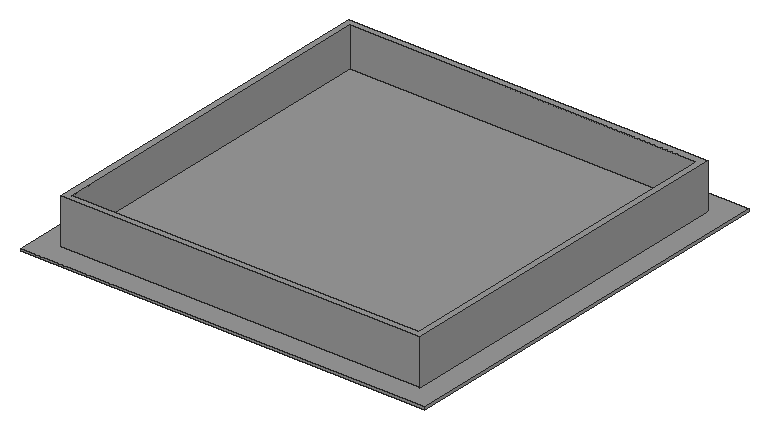
Revit family "Rahmenkassette Schwerlast, blind, RKSL, Nenngröße 250-3, Belastungsklasse 1", category Generic Models, Revit 2015
Parameters (values of type "RK SL1 V2 40")
  Width 1 = 288 mm
  Width = 324 mm
  URL = "http://www.obo-bettermann.com"
  Material = Stainless Steel
  Manufacturer Art.No. = "7405908"
  Manufacturer = "OBO Bettermann"
  Height 1 = 38 mm
  Height = 40 mm
  GTIN = "4012195105886"
  Cut depth = 5 mm
  Article Type = "RK SL1 V2 40"
Types (5, lengths in mm): name | Manufacturer Art.No. | Height 1 | Height | GTIN | Cut depth | Article Type
  (no name) | "7405908" | 38 | 40 | "4012195105886" | 5 | "RK SL1 V2 40"
  RK SL1 V2 20 | "7405892" | 18 | 20 | "4012195105824" | 5 | "RK SL1 V2 20"
  RK SL1 V2 25 | "7405896" | 23 | 25 | "4012195105831" | 5 | "RK SL1 V2 25"
  RK SL1 V2 30 | "7405900" | 28 | 30 | "4012195105848" | 0 | "RK SL1 V2 30"
  RK SL1 V2 40 | "7405908" | 38 | 40 | "4012195105886" | 5 | "RK SL1 V2 40"
Reference planes
  plane 1 "Center (Front/Back)": y = 0
  plane 2: z = 0
  plane 3 "Center (Left/Right)": x = 0
  plane 4: z = 2
  plane 5: y = 125
  plane 6: y = -125
  plane 7: z = 7
Forms (mm)
  Extrusion 1, solid, material "Stainless Steel" <- "Material"
    sketch origin (0, 0, 0) x (1, 0, 0) y (0, 1, 0)
      loop
        line (-144, 144) -> (-144, -144) -> (144, -144) -> (144, 144) -> (-144, 144)
    from 0 to 38
  Extrusion 2, solid, material "Stainless Steel" <- "Material"
    sketch origin (0, 0, 0) x (1, 0, 0) y (0, 1, 0)
      loop
        line (-162, 162) -> (-162, -162) -> (162, -162) -> (162, 162) -> (-162, 162)
      loop
        line (144, 144) -> (-144, 144) -> (-144, -144) -> (144, -144) -> (144, 144)
    from 0 to 2
  Extrusion 3, void
    sketch origin (0, 0, 0) x (1, 0, 0) y (0, 1, 0)
      loop
        line (-139.1, 139.1) -> (-139.1, -139.1) -> (139.1, -139.1) -> (139.1, 139.1) -> (-139.1, 139.1)
    from 7 to 38
  Extrusion 4, solid, material "Stainless Steel" <- "Material"
    sketch origin (0, 0, 0) x (1, 0, 0) y (0, 0, 1)
      loop
        line (-61, 0) -> (-61, -35) -> (-49, -35) -> (-49, -33) -> (-59, -33) -> (-59, 0) -> (-61, 0)
      loop
        line (59, 0) -> (59, -33) -> (46, -33) -> (46, -35) -> (61, -35) -> (61, 0) -> (59, 0)
    from -125 to 125
  Extrusion 5, void
    sketch origin (0, 0, 0) x (0, 1, 0) y (0, 0, 1)
      loop
        line (125, 0) -> (103, -33) -> (103, -35) -> (125, -35) -> (125, 0)
      loop
        line (-125, 0) -> (-125, -35) -> (-103, -35) -> (-103, -33) -> (-125, 0)
    from -61 to 61
Cuts and joins
  Extrusion 3 cuts Extrusion 1
  Extrusion 5 cuts Extrusion 4
Dimensions and locks
  "Width 1": Extrusion 1 sketch curve to Extrusion 1 sketch curve  (x2)
  equal spacing: Extrusion 1 sketch curve, plane 3 "Center (Left/Right)", Extrusion 1 sketch curve
  equal spacing: Extrusion 1 sketch curve, plane 1 "Center (Front/Back)", Extrusion 1 sketch curve, locked at 144 each
  "Height 1": Extrusion 1 to level
  "Width": Extrusion 2 sketch curve to Extrusion 2 sketch curve  (x2)
  equal spacing: Extrusion 2 sketch curve, plane 3 "Center (Left/Right)", Extrusion 2 sketch curve
  equal spacing: Extrusion 2 sketch curve, plane 1 "Center (Front/Back)", Extrusion 2 sketch curve, locked at 162 each
  locked: plane 4 to level at 2
  locked: Extrusion 3 sketch curve to Extrusion 3 sketch curve at 278.2  (x2)
  equal spacing: Extrusion 3 sketch curve, plane 3 "Center (Left/Right)", Extrusion 3 sketch curve, locked at 139.1 each
  equal spacing: Extrusion 3 sketch curve, plane 1 "Center (Front/Back)", Extrusion 3 sketch curve, locked at 139.1 each
  locked: Extrusion 4 sketch curve to Extrusion 4 sketch curve at 2  (x4)
  locked: Extrusion 2 to Extrusion 4 sketch curve at 35  (x2)
  locked: Extrusion 4 sketch curve to Extrusion 4 sketch curve at 118
  equal spacing: Extrusion 4 sketch curve, plane 3 "Center (Left/Right)", Extrusion 4 sketch curve, locked at 59 each
  locked: plane 5 to plane 6 at 250
  locked: plane 5 to plane 1 "Center (Front/Back)" at 125
  locked: Extrusion 4 to Extrusion 5 sketch curve at 22
  locked: Extrusion 4 to Extrusion 5 sketch curve at 35  (x2)
  locked: Extrusion 4 to Extrusion 5 sketch curve at 2  (x2)
  locked: Extrusion 5 sketch curve to Extrusion 4 at 22
  "Cut depth": plane 7 to plane 4
  aligned and locked: level to plane 2
  aligned and locked: Extrusion 1 to level
  aligned and locked: Extrusion 2 to level
  aligned and locked: plane 4 to Extrusion 2
  aligned and locked: Extrusion 2 sketch curve to Extrusion 1  (x4)
  aligned and locked: Extrusion 1 to Extrusion 3
  aligned and locked: Extrusion 4 to plane 5
  aligned and locked: plane 6 to Extrusion 4
  aligned and locked: Extrusion 5 sketch curve to plane 5
  aligned and locked: plane 6 to Extrusion 5 sketch curve
  aligned and locked: Extrusion 5 to Extrusion 4  (x2)
  aligned and locked: Extrusion 3 to plane 7
Automatic sketch dimensions
  Extrusion 4 sketch curve to level = 0 mm  (x2)
  Extrusion 4 sketch curve to Extrusion 4 sketch curve = 10 mm
  Extrusion 4 sketch curve to Extrusion 4 sketch curve = 13 mm
